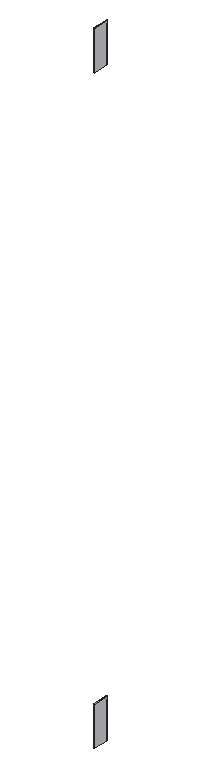
Revit family "BG_DORc_HingeSet-Type1", category Doors, Revit 2020
Family settings
  Work Plane-Based = Yes
  Always vertical = Yes
  Cut with Voids When Loaded = No
  Shared = No
  Room Calculation Point = No
Parameters (values of type "Hinge set")
  Width = 0 mm  # constant formula
  Thickness = 0 mm  # constant formula
  Spacing [instance] = (Height - (2 * Hinge inset)) / (Hinge count override - 1)  # 1640 mm
  Rough Width = 0 mm  # constant formula
  Rough Height = 0 mm  # constant formula
  Hinge thickness [instance] = Hinge gap / 2  # 1.5 mm
  Hinge inset [instance] = 200 mm
  Hinge height = 100 mm
  Hinge gap [instance] = 3 mm
  Hinge depth [instance] = 40 mm
  Hinge count override [instance] = if(Hinge count < 2, 2, Hinge count)  # 2
  Hinge count [instance] = 2
  Hinge angle [instance] = 0.00°
  Height = 2040 mm
  Finish [instance] = none
  Default Elevation = 1219.2 mm
Reference planes
  plane 1 "Center (Front/Back)": y = 0
  plane 2: z = 0
  plane 3 "Center (Left/Right)": x = 0
  plane 4: z = 200
  plane 5: z = 2040
  plane 6: z = 1840
Lines and regions (mm)
  model lines, style "InvisibleLines"
    curve 1: line (0, 0, 0) -> (0, 0, 2040)
Dimensions and locks
  "Hinge inset": plane 4 to level
  "Height": plane 5 to level
  group 1 to group 2 = 0 mm  (x2)
  group 1 to group 2 = 1540 mm
  "Spacing": plane 6 to plane 4
  aligned and locked: level to plane 2
  aligned and locked: plane 3 "Center (Left/Right)" to nested 1
  aligned and locked: plane 1 "Center (Front/Back)" to nested 1
  aligned and locked: plane 1 "Center (Front/Back)" to nested 2
  aligned and locked: plane 3 "Center (Left/Right)" to nested 2
  aligned and locked: plane 6 to nested 2
  aligned and locked: plane 5 to curve 1
  aligned and locked: level to curve 1
  aligned and locked: plane 3 "Center (Left/Right)" to curve 1
Nested families
  nested 1: "BG_DORc_Hinge-Type1" at (0, 0, 300), Open angle <- "Hinge angle", type "BG_DORc_Hinge-Type1"
    with Open angle 0.00°
  nested 2: "BG_DORc_Hinge-Type1" at (0, 0, 1840), Open angle <- "Hinge angle", type "BG_DORc_Hinge-Type1"
    with Open angle 0.00°
Definition of nested family "BG_DORc_Hinge-Type1"
  Parameters (values of type "BG_DORc_Hinge-Type1")
    Width = 0 mm  # constant formula
    Rough Width = 0 mm  # constant formula
    Rough Height = 0 mm  # constant formula
    Open angle [instance] = 30.00°
    Hinge thickness = 1.5 mm
    Hinge depth = 40 mm
    Height = 100 mm
    Finish = none
    Default Elevation = 1219.2 mm
  Reference planes
    plane 1 "Front": y = 0
    plane 2 "Center (Elevation)": z = 0
    plane 3 "Center (Left/Right)": x = 0
    plane 4 "Right": x = 1.5
    plane 5: y = -40
    plane 6: z = 50
    plane 7: z = -50
  Forms (mm)
    Extrusion 1, solid, material <- "Finish"
      sketch origin (0, 0, 0) x (0, 1, 0) y (-1, 0, 0)
        loop
          line (0.75, 1.299) -> (-33.891, 21.299) -> (-34.641, 20) -> (0, 0) -> (0.75, 1.299)
      from -50 to 50
    Extrusion 2, solid, material <- "Finish"
      sketch origin (0, 0, 0) x (1, 0, 0) y (0, 1, 0)
        loop
          line (1.5, -40) -> (1.5, 0)
          arc (1.5, 0) -> (1.061, -1.061) -> (0, -1.5) r 1.5
          line (0, -1.5) -> (0, -40) -> (1.5, -40)
      from -50 to 50
    Extrusion 3, solid, material <- "Finish"
      sketch origin (0, 0, 0) x (1, 0, 0) y (0, 1, 0)
        loop
          circle (0, 0) r 1.5
      from -50 to 50
  Cuts and joins
    joined: Extrusion 1, Extrusion 3
  Lines and regions (mm)
    reference lines
      curve 1: line (0, 0, 0) -> (1.5, 0, 0)
      curve 2: line (0, 0, 0) -> (-20, -34.641, 0)
      curve 3: line (0, 0, 0) -> (-1.299, 0.75, 0)
      curve 4: line (-1.299, 0.75, 0) -> (-21.299, -33.891, 0)
      curve 5: line (-20, -34.641, 0) -> (-21.299, -33.891, 0)
  Dimensions and locks
    "Hinge thickness": plane 3 "Center (Left/Right)" to plane 4 "Right"
    "Hinge depth": plane 1 "Front" to plane 5
    equal spacing: plane 6, level, plane 7
    "Height": plane 6 to plane 7
    "Hinge thickness": curve 4 to curve 2
    "Hinge depth": curve 3 to curve 5
    "Hinge thickness": radius of Extrusion 3 sketch curve
    "Hinge thickness": radius of Extrusion 2 sketch curve
    locked: curve 3 to curve 2 (angle 90.00°)
    locked: curve 2 to curve 5 (angle 90.00°)
    "Open angle": angle curve 2 to plane 3 "Center (Left/Right)"
    "Open angle": angle curve 4 to plane 3 "Center (Left/Right)"
    aligned and locked: level to plane 2 "Center (Elevation)"
    aligned and locked: plane 3 "Center (Left/Right)" to curve 1
    aligned and locked: plane 1 "Front" to curve 1
    aligned and locked: Extrusion 2 sketch curve to plane 4 "Right"
    aligned and locked: Extrusion 2 sketch curve to plane 5
    aligned and locked: plane 4 "Right" to curve 1
    aligned and locked: plane 1 "Front" to Extrusion 3 sketch curve
    aligned and locked: plane 3 "Center (Left/Right)" to Extrusion 2 sketch curve  (x2)
    aligned and locked: plane 3 "Center (Left/Right)" to Extrusion 3 sketch curve
    aligned and locked: plane 1 "Front" to Extrusion 2 sketch curve
    aligned and locked: plane 6 to Extrusion 1
    aligned and locked: plane 6 to Extrusion 3
    aligned and locked: plane 6 to Extrusion 2
    aligned and locked: plane 7 to Extrusion 1
    aligned and locked: plane 7 to Extrusion 2
    aligned and locked: plane 7 to Extrusion 3
    aligned and locked: Extrusion 1 sketch curve to curve 4
    aligned and locked: Extrusion 1 sketch curve to curve 2
    aligned and locked: Extrusion 1 sketch curve to curve 5
    aligned and locked: Extrusion 1 sketch curve to curve 3
